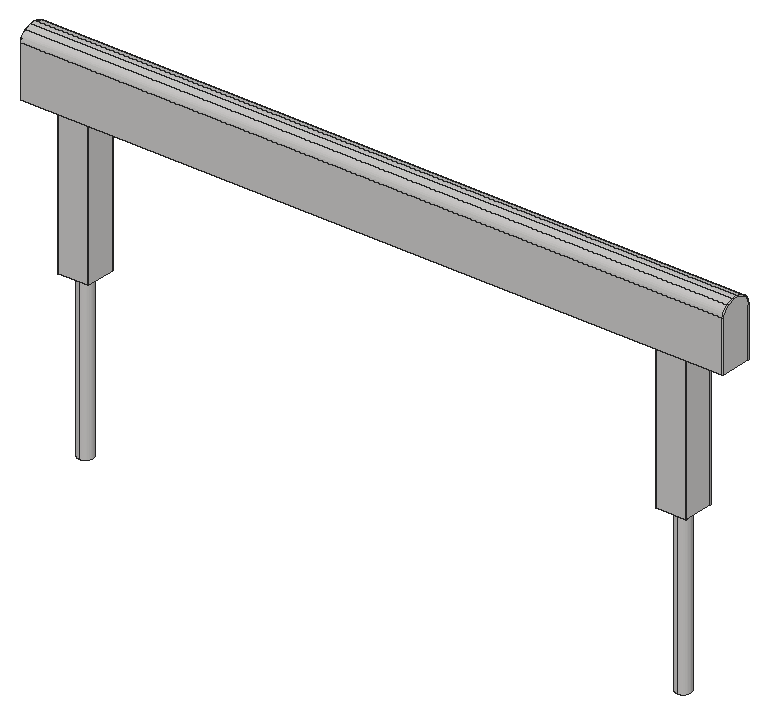
Revit family "PRD_AR_TpsAndWtrSpplOtltFttngs_FittingUnit_AQFU0240-AQFU0243 2", category Plumbing Fixtures, Revit 2023
Family settings
  Round Connector Dimension = Use Diameter
  Part Type = Normal
  OmniClass Number = 23.45.55.11
  OmniClass Title = Sanitary Components
  Work Plane-Based = No
  Enable Cutting in Views = No
  Always vertical = Yes
  Cut with Voids When Loaded = No
  Maintain Annotation Orientation = No
  Shared = No
  Room Calculation Point = No
Parameters (values of type "AQFU0240")
  Width = 1600 mm
  WashPlaceWidth = "800 mm"
  WarrantyStartDate [instance] = "1900-12-31T23:59:59"
  WarrantyGuarantorParts = "n/a"
  WarrantyGuarantorLabor = "n/a"
  WarrantyDurationUnit = "n/a"
  WarrantyDurationParts = "n/a"
  WarrantyDurationLabor = "n/a"
  WarrantyDescription = "n/a"
  Version = "1"
  Uniclass2015Version = "Products v1.38"
  Uniclass2015Title = "Taps and water supply outlet fittings"
  Uniclass2015Code = "Pr_40_20_87"
  URL = "www.kwc-professional.com"
  TypeOfMounting = "mounted on product"
  TypeOfMixing = "yes"
  Type IFC Predefined Type = "USERDEFINED"
  TagNumber [instance] = "n/a"
  SwapMiddleSupport [instance] = no
  SustainabilityPerformance = "n/a"
  Status = "New"
  Size = "1600 x 470 x 73 mm (W x H x D)"
  Shape = "n/a"
  SerialNumber [instance] = "n/a"
  Revision = "n/a"
  ReplacementCost = "n/a"
  Reference = "n/a"
  ProductInformation = "http://pim.kwc.com/product/2030064986/attachment/datasheet?locale=en"
  PositionOfWaterConnection = "from bottom"
  PipingMaterial = PRD_AR_StainlessSteel_HighPolished
  OverallWidth = "1,600 mm"
  OverallHeight = "470 mm"
  OverallDepth = "73 mm"
  OutletSize = 15.0 mm
  InletConversionSize = 25.0 mm
  NumberOfWashPlaces = "4"
  NominalWidth = 1600 mm
  NominalHeight = 470 mm
  NominalDepth = 73 mm
  Name = "Fitting unit for double-row sanitary facilities AQFU0240"
  NBSTypeID = "n/a"
  NBSReference = "n/a"
  NBSOfficeMasterTag = "n/a"
  NBSNote = "n/a"
  NBSDescription = "n/a"
  NBSCertification = "n/a"
  ModelReference = "AQFU0240"
  ModelNumber = "2030064986"
  Model = ModelReference  # "AQFU0240"
  Material = "stainless steel"
  ManufacturerURL = "www.kwc-professional.com"
  ManufacturerName = "KWC Group Management AG"  # constant formula
  Manufacturer = ManufacturerName  # "KWC Group Management AG"
  InstallationDate [instance] = "1900-12-31T23:59:59"
  InletSize = "G1B"
  IfcExportType = "USERDEFINED"
  IfcExportAs = "IfcDistributionChamberElement"
  HygieneFlushing = "no"
  HalfWidth = Width / 2  # 800 mm
  Grade = "n/a"
  FlowHotWater = 0.0 L/s
  FlowColdWater = 0.0 L/s
  Fitting = "separately"
  Finish = "satin finished"
  Features = "With 4 wash places, housing width 1600 mm. Wash place width 800 mm."
  Export Type to IFC As = "IfcDistributionChamberElementType"
  ExpectedLife = "n/a"
  DurationUnit = "n/a"
  Description = "Fitting unit ready for connection with 4 wash places, for mounting on double-row sanitary facilities, for connection to hot and cold water from below via guide pipe holders. Housing made of stainless steel, satin finished with pre-assembled fitting connection blocks, connection options for power supply to electronic fittings, and stainless steel piping."
  Default Elevation = 0 mm
  CreatedOn = "12/2025"  # constant formula
  Constituents = "n/a"
  Color = "n/a"
  CodePerformance = "n/a"
  Circulation = "no"
  Category = "Pr_40_20_87, Taps and water supply outlet fittings"
  BodyMaterial = PRD_AR_StainlessSteel_SatinFinished
  BarCode [instance] = "n/a"
  BIMObjectName = "PRD_AR_TapsAndWaterSupplyOutletFittings_FittingUnit_AQFU0240"
  Author = "Archispace"  # constant formula
  AssetType = "Fixed"
  AssetIdentifier [instance] = "n/a"
  AccessibilityPerformance = "n/a"
Types (4, lengths in mm): name | Width | Size | ProductInformation | OverallWidth | NumberOfWashPlaces | NominalWidth | Name | ModelReference | ModelNumber | Model | HalfWidth | Features | Description | BIMObjectName
  AQFU0240 | 1600 | "1600 x 470 x 73 mm (W x H x D)" | "http://pim.kwc.com/product/2030064986/attachment/datasheet?locale=en" | "1,600 mm" | "4" | 1600 | "Fitting unit for double-row sanitary facilities AQFU0240" | "AQFU0240" | "2030064986" | "AQFU0240" | 800 | "With 4 wash places, housing width 1600 mm. Wash place width 800 mm." | "Fitting unit ready for connection with 4 wash places, for mounting on double-row sanitary facilities, for connection to hot and cold water from below via guide pipe holders. Housing made of stainless steel, satin finished with pre-assembled fitting connection blocks, connection options for power supply to electronic fittings, and stainless steel piping." | "PRD_AR_TapsAndWaterSupplyOutletFittings_FittingUnit_AQFU0240"
  AQFU0241 | 2400 | "2400 x 470 x 73 mm (W x H x D)" | "http://pim.kwc.com/product/2030064987/attachment/datasheet?locale=en" | "2,400 mm" | "6" | 2400 | "Fitting unit for double-row sanitary facilities AQFU0241" | "AQFU0241" | "2030064987" | "AQFU0241" | 1200 | "With 6 wash places, housing width 2400 mm. Wash place width 800 mm." | "Fitting unit ready for connection with 6 wash places, for mounting on double-row sanitary facilities, for connection to hot and cold water from below via guide pipe holders. Housing made of stainless steel, satin finished with pre-assembled fitting connection blocks, connection options for power supply to electronic fittings, and stainless steel piping." | "PRD_AR_TapsAndWaterSupplyOutletFittings_FittingUnit_AQFU0241"
  AQFU0242 | 3200 | "3200 x 470 x 73 mm (W x H x D)" | "http://pim.kwc.com/product/2030064988/attachment/datasheet?locale=en" | "3,200 mm" | "8" | 3200 | "Fitting unit for double-row sanitary facilities AQFU0242" | "AQFU0242" | "2030064988" | "AQFU0242" | 1600 | "With 8 wash places, housing width 3200 mm. Wash place width 800 mm." | "Fitting unit ready for connection with 8 wash places, for mounting on double-row sanitary facilities, for connection to hot and cold water from below via guide pipe holders. Housing made of stainless steel, satin finished with pre-assembled fitting connection blocks, connection options for power supply to electronic fittings, and stainless steel piping." | "PRD_AR_TapsAndWaterSupplyOutletFittings_FittingUnit_AQFU0242"
  AQFU0243 | 4000 | "4000 x 470 x 73 mm (W x H x D)" | "http://pim.kwc.com/product/2030064992/attachment/datasheet?locale=en" | "4,000 mm" | "10" | 4000 | "Fitting unit for double-row sanitary facilities AQFU0243" | "AQFU0243" | "2030064992" | "AQFU0243" | 2000 | "With 10 wash places, housing width 4000 mm. Wash place width 800 mm." | "Fitting unit ready for connection with 10 wash places, for mounting on double-row sanitary facilities, for connection to hot and cold water from below via guide pipe holders. Housing made of stainless steel, satin finished with pre-assembled fitting connection blocks, connection options for power supply to electronic fittings, and stainless steel piping." | "PRD_AR_TapsAndWaterSupplyOutletFittings_FittingUnit_AQFU0243"
Reference planes
  plane 1 "Center (Front/Back)": y = 0
  plane 2: z = 0
  plane 3 "Center (Left/Right)": x = 0
Dimensions and locks
  aligned and locked: level to plane 2
Nested families
  nested 1: "AQFU02 double" at (0, 0, 0), SwapMiddleSupport <- "SwapMiddleSupport", type "AQFU02 double"
    with SwapMiddleSupport no, MiddleSupportRight no, MiddleSupportLeft no, 4 and 5 and 6 connections no
Connectors
  piping at (-680, 0, -375), diameter 25, driven by "InletConversionSize", driven by "FlowHotWater", driven by "InletSize"
    settings: on nested 1, index 1, connector inside diameter 609.6 mm, connector length 0 mm, flow factor 0, pipe flow 0.0 L/s, pressure drop 0.0 Pa, fitting loss kfactor 0, connector angle 0.00°, fixture units 0, engagement length 0 mm, angle of deflection 0.00°, flow configuration 0, flow direction 1, fitting loss method 0, system type 19, joint type 0, gender type 0, connector reference index -1, connector utility 0, adjustable connector no, is connector primary yes, connector description "G1B"
  piping at (680, 0, -375), diameter 25, driven by "InletConversionSize", driven by "FlowColdWater", driven by "InletSize"
    settings: on nested 1, index 2, connector inside diameter 609.6 mm, connector length 0 mm, flow factor 0, pipe flow 0.0 L/s, pressure drop 0.0 Pa, fitting loss kfactor 0, connector angle 0.00°, fixture units 0, engagement length 0 mm, angle of deflection 0.00°, flow configuration 0, flow direction 1, fitting loss method 0, system type 20, joint type 0, gender type 0, connector reference index -1, connector utility 0, adjustable connector no, is connector primary no, connector description "G1B"
Definition of nested family "AQFU02 double"
  Parameters (values of type "AQFU02 double")
    Z = if([6 connections], X, 100 mm)  # 100 mm
    Y = if([5 connections], X, 0 mm)  # 0 mm
    X = BasicWidth / 4  # 400 mm
    Width = 1600 mm
    W = if([4 connections], X, if([5 connections], X * 2, if([6 connections], X * 3, 100 mm)))  # 100 mm
    SwapMiddleSupport [instance] = no
    PipingMaterial = none
    MiddleSupportRight [instance] = and(SwapMiddleSupport, [4 and 5 and 6 connections])  # no
    MiddleSupportLeft [instance] = and(not(SwapMiddleSupport), [4 and 5 and 6 connections])  # no
    BodyMaterial = none
    Default Elevation = 0 mm
    BasicWidth = 1600 mm
    6 connections = Width = BasicWidth + 8 * X  # no
    5 connections = Width = BasicWidth + 6 * X  # no
    4 connections = Width = BasicWidth + 4 * X  # no
    4 and 5 and 6 connections [instance] = Width > BasicWidth + 2 * X  # no
    3 connections = Width = BasicWidth + 2 * X  # no
    3 and 5 connections = or(Width = BasicWidth + 2 * X, Width = BasicWidth + 6 * X)  # no
    2 connections = Width = BasicWidth  # yes
  Reference planes
    plane 1 "Center (Front/Back)": y = 0
    plane 2: z = 0
    plane 3 "Center (Left/Right)": x = 0
    plane 4: x = -800
    plane 5: x = 800
    plane 6: z = 395
    plane 7: z = 325
    plane 8: z = -375
    plane 9: z = 468.46
    plane 10: x = -680
    plane 11: x = 680
    plane 12: y = 36.5
    plane 13: y = -36.5
    plane 14: y = 35
    plane 15: y = -35
    plane 16: x = -400
    plane 17: x = 400
    plane 18: x = -100
    plane 19: x = 100
    plane 20: x = -100
    plane 21: x = 100
    plane 22: x = 0
    plane 23: z = -355
    plane 24: x = 0
  Forms (mm)
    Sweep 1, solid, material <- "BodyMaterial", detail levels fine
      path origin (0, 0, 0) x (1, 0, 0) y (0, 0, 1)
        loop
          line (-800, 325) -> (800, 325)
      profile origin (0, 0, 325) x (0, 0, 1) y (0, -1, 0)
        loop
          line (0, -36.5) -> (116.5, -36.5)
          arc (116.5, -36.5) -> (128.832, -32.612) -> (136.703, -22.353) r 21.5
          line (136.703, -22.353) -> (142.163, -7.353)
          arc (142.163, -7.353) -> (143.46, 0) -> (142.163, 7.353) r 21.5
          line (142.163, 7.353) -> (136.703, 22.353)
          arc (136.703, 22.353) -> (128.832, 32.612) -> (116.5, 36.5) r 21.5
          line (116.5, 36.5) -> (0, 36.5) -> (0, -36.5)
    Sweep 2, solid, material <- "BodyMaterial", detail levels fine
      path origin (0, 0, 0) x (1, 0, 0) y (0, 0, 1)
        loop
          line (-680, 325) -> (-680, 0)
      profile origin (-680, 0, 162.5) x (0, -1, 0) y (1, 0, 0)
        loop
          arc (-35, -33) -> (-34.414, -34.414) -> (-33, -35) r 2
          line (-33, -35) -> (33, -35)
          arc (33, -35) -> (34.414, -34.414) -> (35, -33) r 2
          line (35, -33) -> (35, 33)
          arc (35, 33) -> (34.414, 34.414) -> (33, 35) r 2
          line (33, 35) -> (-33, 35)
          arc (-33, 35) -> (-34.414, 34.414) -> (-35, 33) r 2
          line (-35, 33) -> (-35, -33)
    Sweep 3, solid, material <- "PipingMaterial"
      path origin (0, 0, 0) x (1, 0, 0) y (0, 0, 1)
        loop
          line (-680, 0) -> (-680, -375)
      profile origin (-680, 0, -187.5) x (0, -1, 0) y (1, 0, 0)
        loop
          circle (0, 0) r 16.5
    Sweep 4, void
      path in 3D
        loop
          line (-800, -36.5, 325) -> (-800, -36.5, 441.5)
          arc (-800, -36.5, 441.5) -> (-800, -32.612, 453.832) -> (-800, -22.353, 461.703) r 21.5
          line (-800, -22.353, 461.703) -> (-800, -7.353, 467.163)
          arc (-800, -7.353, 467.163) -> (-800, 0, 468.46) -> (-800, 7.353, 467.163) r 21.5
          line (-800, 7.353, 467.163) -> (-800, 22.353, 461.703)
          arc (-800, 22.353, 461.703) -> (-800, 32.612, 453.832) -> (-800, 36.5, 441.5) r 21.5
          line (-800, 36.5, 441.5) -> (-800, 36.5, 325)
      profile origin (-800, -36.5, 383.25) x (0, 1, 0) y (-1, 0, 0)
        loop
          line (0, 0) -> (0, -2)
          arc (0, -2) -> (0.586, -0.586) -> (2, 0) r 2
          line (2, 0) -> (0, 0)
    Sweep 5, void
      path in 3D
        loop
          line (800, 36.5, 325) -> (800, 36.5, 441.5)
          arc (800, 36.5, 441.5) -> (800, 32.612, 453.832) -> (800, 22.353, 461.703) r 21.5
          line (800, 22.353, 461.703) -> (800, 7.353, 467.163)
          arc (800, 7.353, 467.163) -> (800, 0, 468.46) -> (800, -7.353, 467.163) r 21.5
          line (800, -7.353, 467.163) -> (800, -22.353, 461.703)
          arc (800, -22.353, 461.703) -> (800, -32.612, 453.832) -> (800, -36.5, 441.5) r 21.5
          line (800, -36.5, 441.5) -> (800, -36.5, 325)
      profile origin (800, -36.5, 383.25) x (1, 0, 0) y (0, 1, 0)
        loop
          line (0, 0) -> (0, 2)
          arc (0, 2) -> (-0.586, 0.586) -> (-2, 0) r 2
          line (-2, 0) -> (0, 0)
    Sweep 6, solid, material <- "BodyMaterial", detail levels fine
      path origin (0, 0, 0) x (-1, 0, 0) y (0, 0, -1)
        loop
          line (-680, -325) -> (-680, 0)
      profile origin (680, 0, 162.5) x (0, -1, 0) y (1, 0, 0)
        loop
          line (-35, 33) -> (-35, -33)
          arc (-35, -33) -> (-34.414, -34.414) -> (-33, -35) r 2
          line (-33, -35) -> (33, -35)
          arc (33, -35) -> (34.414, -34.414) -> (35, -33) r 2
          line (35, -33) -> (35, 33)
          arc (35, 33) -> (34.414, 34.414) -> (33, 35) r 2
          line (33, 35) -> (-33, 35)
          arc (-33, 35) -> (-34.414, 34.414) -> (-35, 33) r 2
    Sweep 7, solid, material <- "PipingMaterial"
      path origin (0, 0, 0) x (-1, 0, 0) y (0, 0, -1)
        loop
          line (-680, 0) -> (-680, 375)
      profile origin (680, 0, -187.5) x (0, -1, 0) y (1, 0, 0)
        loop
          circle (0, 0) r 16.5
    Sweep 8, solid, material <- "BodyMaterial", visible <- "MiddleSupportLeft", detail levels fine
      path origin (480, 0, 0) x (1, 0, 0) y (0, 0, 1)
        loop
          line (-480, 325) -> (-480, 0)
      profile origin (0, 0, 162.5) x (0, -1, 0) y (1, 0, 0)
        loop
          arc (-35, -33) -> (-34.414, -34.414) -> (-33, -35) r 2
          line (-33, -35) -> (33, -35)
          arc (33, -35) -> (34.414, -34.414) -> (35, -33) r 2
          line (35, -33) -> (35, 33)
          arc (35, 33) -> (34.414, 34.414) -> (33, 35) r 2
          line (33, 35) -> (-33, 35)
          arc (-33, 35) -> (-34.414, 34.414) -> (-35, 33) r 2
          line (-35, 33) -> (-35, -33)
    Sweep 9, solid, material <- "PipingMaterial", visible <- "MiddleSupportLeft"
      path origin (480, 0, -360) x (1, 0, 0) y (0, 0, 1)
        loop
          line (-480, 360) -> (-480, 5)
      profile origin (0, 0, -177.5) x (0, -1, 0) y (1, 0, 0)
        loop
          circle (0, 0) r 5
    Sweep 10, solid, material <- "BodyMaterial", detail levels medium
      path origin (0, 0, 0) x (1, 0, 0) y (0, 0, 1)
        loop
          line (-800, 325) -> (800, 325)
      profile origin (0, 0, 325) x (0, 0, 1) y (0, -1, 0)
        loop
          line (0, -36.5) -> (116.5, -36.5)
          arc (116.5, -36.5) -> (128.832, -32.612) -> (136.703, -22.353) r 21.5
          line (136.703, -22.353) -> (142.163, -7.353)
          arc (142.163, -7.353) -> (143.46, 0) -> (142.163, 7.353) r 21.5
          line (142.163, 7.353) -> (136.703, 22.353)
          arc (136.703, 22.353) -> (128.832, 32.612) -> (116.5, 36.5) r 21.5
          line (116.5, 36.5) -> (0, 36.5) -> (0, -36.5)
    Sweep 11, solid, material <- "BodyMaterial", detail levels coarse+medium
      path origin (0, 0, 0) x (1, 0, 0) y (0, 0, 1)
        loop
          line (-680, 325) -> (-680, 0)
      profile origin (-680, 0, 162.5) x (0, -1, 0) y (1, 0, 0)
        loop
          line (-35, -35) -> (35, -35) -> (35, 35) -> (-35, 35) -> (-35, -35)
    Sweep 12, solid, material <- "BodyMaterial", detail levels coarse+medium
      path origin (0, 0, 0) x (-1, 0, 0) y (0, 0, -1)
        loop
          line (-680, -325) -> (-680, 0)
      profile origin (680, 0, 162.5) x (0, -1, 0) y (1, 0, 0)
        loop
          line (-35, 35) -> (-35, -35) -> (35, -35) -> (35, 35) -> (-35, 35)
    Sweep 13, solid, material <- "BodyMaterial", visible <- "MiddleSupportLeft", detail levels coarse+medium
      path origin (480, 0, 0) x (1, 0, 0) y (0, 0, 1)
        loop
          line (-480, 325) -> (-480, 0)
      profile origin (0, 0, 162.5) x (0, -1, 0) y (1, 0, 0)
        loop
          line (-35, -35) -> (35, -35) -> (35, 35) -> (-35, 35) -> (-35, -35)
    Sweep 14, solid, material <- "BodyMaterial", detail levels coarse
      path origin (0, 0, 0) x (1, 0, 0) y (0, 0, 1)
        loop
          line (-800, 325) -> (800, 325)
      profile origin (0, 0, 325) x (0, 0, 1) y (0, -1, 0)
        loop
          line (0, -36.5) -> (143.46, -36.5) -> (143.46, 36.5) -> (0, 36.5) -> (0, -36.5)
    Sweep 15, solid, material <- "BodyMaterial", visible <- "MiddleSupportRight", detail levels fine
      path origin (-480, 0, 0) x (-1, 0, 0) y (0, 0, -1)
        loop
          line (-480, -325) -> (-480, 0)
      profile origin (0, 0, 162.5) x (0, -1, 0) y (1, 0, 0)
        loop
          line (-35, 33) -> (-35, -33)
          arc (-35, -33) -> (-34.414, -34.414) -> (-33, -35) r 2
          line (-33, -35) -> (33, -35)
          arc (33, -35) -> (34.414, -34.414) -> (35, -33) r 2
          line (35, -33) -> (35, 33)
          arc (35, 33) -> (34.414, 34.414) -> (33, 35) r 2
          line (33, 35) -> (-33, 35)
          arc (-33, 35) -> (-34.414, 34.414) -> (-35, 33) r 2
    Sweep 16, solid, material <- "PipingMaterial", visible <- "MiddleSupportRight"
      path origin (-480, 0, -360) x (-1, 0, 0) y (0, 0, -1)
        loop
          line (-480, -360) -> (-480, -5)
      profile origin (0, 0, -177.5) x (0, -1, 0) y (1, 0, 0)
        loop
          circle (0, 0) r 5
    Sweep 17, solid, material <- "BodyMaterial", visible <- "MiddleSupportRight", detail levels coarse+medium
      path origin (-480, 0, 0) x (-1, 0, 0) y (0, 0, -1)
        loop
          line (-480, -325) -> (-480, 0)
      profile origin (0, 0, 162.5) x (0, -1, 0) y (1, 0, 0)
        loop
          line (-35, 35) -> (-35, -35) -> (35, -35) -> (35, 35) -> (-35, 35)
  Cuts and joins
    Sweep 4, Sweep 5 cuts Sweep 1
  Lines and regions (mm)
    sketch lines
      curve 1: line (-800, -36.5, 325) -> (-800, -36.5, 441.5)
      curve 2: arc (-800, -22.353, 461.703) -> (-800, -32.612, 453.832) -> (-800, -36.5, 441.5) r 21.5
      curve 3: line (-800, -22.353, 461.703) -> (-800, -7.353, 467.163)
      curve 4: arc (-800, 7.353, 467.163) -> (-800, 0, 468.46) -> (-800, -7.353, 467.163) r 21.5
      curve 5: line (-800, 7.353, 467.163) -> (-800, 22.353, 461.703)
      curve 6: arc (-800, 36.5, 441.5) -> (-800, 32.612, 453.832) -> (-800, 22.353, 461.703) r 21.5
      curve 7: line (-800, 36.5, 441.5) -> (-800, 36.5, 325)
      curve 8: line (800, -36.5, 441.5) -> (800, -36.5, 325)
      curve 9: arc (800, -36.5, 441.5) -> (800, -32.612, 453.832) -> (800, -22.353, 461.703) r 21.5
      curve 10: line (800, -7.353, 467.163) -> (800, -22.353, 461.703)
      curve 11: arc (800, -7.353, 467.163) -> (800, 0, 468.46) -> (800, 7.353, 467.163) r 21.5
      curve 12: line (800, 22.353, 461.703) -> (800, 7.353, 467.163)
      curve 13: arc (800, 22.353, 461.703) -> (800, 32.612, 453.832) -> (800, 36.5, 441.5) r 21.5
      curve 14: line (800, 36.5, 325) -> (800, 36.5, 441.5)
    model lines
      curve 15: circle (-400, -36.5, 395) r 7 normal (0, -1, 0)
      curve 16: line (-400, -36.5, 388) -> (-400, -36.5, 402)
      curve 17: line (-407, -36.5, 395) -> (-393, -36.5, 395)
      curve 18: circle (-400, 36.5, 395) r 7 normal (0, -1, 0)
      curve 19: line (-400, 36.5, 388) -> (-400, 36.5, 402)
      curve 20: line (-407, 36.5, 395) -> (-393, 36.5, 395)
      curve 21: circle (400, -36.5, 395) r 7 normal (0, 1, 0)
      curve 22: circle (400, 36.5, 395) r 7 normal (0, 1, 0)
      curve 53: line (407, 36.5, 395) -> (393, 36.5, 395)
      curve 54: line (400, 36.5, 402) -> (400, 36.5, 388)
      curve 55: line (407, -36.5, 395) -> (393, -36.5, 395)
      curve 56: line (400, -36.5, 402) -> (400, -36.5, 388)
      curve 57: circle (-400, -36.5, 413) r 7.5 normal (0, -1, 0)
      curve 58: circle (-400, 36.5, 413) r 7.5 normal (0, -1, 0)
      curve 59: circle (400, -36.5, 413) r 7.5 normal (0, 1, 0)
      curve 60: circle (400, 36.5, 413) r 7.5 normal (0, 1, 0)
      curve 71: circle (-400, -36.5, 377) r 7.5 normal (0, -1, 0)
      curve 72: circle (-400, 36.5, 377) r 7.5 normal (0, -1, 0)
      curve 73: circle (400, -36.5, 377) r 7.5 normal (0, 1, 0)
      curve 74: circle (400, 36.5, 377) r 7.5 normal (0, 1, 0)
    model lines, visible <- "3 and 5 connections"
      curve 23: circle (0, -36.5, 395) r 7 normal (0, -1, 0)
      curve 24: line (0, -36.5, 388) -> (0, -36.5, 402)
      curve 25: line (-7, -36.5, 395) -> (7, -36.5, 395)
      curve 26: circle (0, 36.5, 395) r 7 normal (0, -1, 0)
      curve 27: line (0, 36.5, 388) -> (0, 36.5, 402)
      curve 28: line (-7, 36.5, 395) -> (7, 36.5, 395)
      curve 61: circle (0, -36.5, 413) r 7.5 normal (0, -1, 0)
      curve 62: circle (0, 36.5, 413) r 7.5 normal (0, -1, 0)
      curve 75: circle (0, -36.5, 377) r 7.5 normal (0, -1, 0)
      curve 76: circle (0, 36.5, 377) r 7.5 normal (0, -1, 0)
    model lines, visible <- "4 and 5 and 6 connections"
      curve 29: circle (-100, -36.5, 395) r 7 normal (0, -1, 0)
      curve 30: line (-100, -36.5, 388) -> (-100, -36.5, 402)
      curve 31: line (-107, -36.5, 395) -> (-93, -36.5, 395)
      curve 32: circle (-100, 36.5, 395) r 7 normal (0, -1, 0)
      curve 33: line (-100, 36.5, 388) -> (-100, 36.5, 402)
      curve 34: line (-107, 36.5, 395) -> (-93, 36.5, 395)
      curve 35: circle (100, -36.5, 395) r 7 normal (0, 1, 0)
      curve 36: line (107, -36.5, 395) -> (93, -36.5, 395)
      curve 37: circle (100, 36.5, 395) r 7 normal (0, 1, 0)
      curve 38: line (107, 36.5, 395) -> (93, 36.5, 395)
      curve 39: line (100, 36.5, 402) -> (100, 36.5, 388)
      curve 40: line (100, -36.5, 402) -> (100, -36.5, 388)
      curve 63: circle (-100, -36.5, 413) r 7.5 normal (0, -1, 0)
      curve 64: circle (-100, 36.5, 413) r 7.5 normal (0, -1, 0)
      curve 65: circle (100, -36.5, 413) r 7.5 normal (0, 1, 0)
      curve 66: circle (100, 36.5, 413) r 7.5 normal (0, 1, 0)
      curve 77: circle (-100, -36.5, 377) r 7.5 normal (0, -1, 0)
      curve 78: circle (-100, 36.5, 377) r 7.5 normal (0, -1, 0)
      curve 79: circle (100, -36.5, 377) r 7.5 normal (0, 1, 0)
      curve 80: circle (100, 36.5, 377) r 7.5 normal (0, 1, 0)
    model lines, visible <- "6 connections"
      curve 41: circle (-100, -36.5, 395) r 7 normal (0, -1, 0)
      curve 42: line (-100, -36.5, 388) -> (-100, -36.5, 402)
      curve 43: line (-107, -36.5, 395) -> (-93, -36.5, 395)
      curve 44: circle (-100, 36.5, 395) r 7 normal (0, -1, 0)
      curve 45: line (-100, 36.5, 388) -> (-100, 36.5, 402)
      curve 46: line (-107, 36.5, 395) -> (-93, 36.5, 395)
      curve 47: circle (100, -36.5, 395) r 7 normal (0, -1, 0)
      curve 48: line (100, -36.5, 388) -> (100, -36.5, 402)
      curve 49: line (93, -36.5, 395) -> (107, -36.5, 395)
      curve 50: circle (100, 36.5, 395) r 7 normal (0, -1, 0)
      curve 51: line (100, 36.5, 388) -> (100, 36.5, 402)
      curve 52: line (93, 36.5, 395) -> (107, 36.5, 395)
      curve 67: circle (-100, -36.5, 413) r 7.5 normal (0, -1, 0)
      curve 68: circle (-100, 36.5, 413) r 7.5 normal (0, -1, 0)
      curve 69: circle (100, -36.5, 413) r 7.5 normal (0, -1, 0)
      curve 70: circle (100, 36.5, 413) r 7.5 normal (0, -1, 0)
      curve 81: circle (-100, -36.5, 377) r 7.5 normal (0, -1, 0)
      curve 82: circle (-100, 36.5, 377) r 7.5 normal (0, -1, 0)
      curve 83: circle (100, -36.5, 377) r 7.5 normal (0, -1, 0)
      curve 84: circle (100, 36.5, 377) r 7.5 normal (0, -1, 0)
  Dimensions and locks
    equal spacing: plane 4, plane 3 "Center (Left/Right)", plane 5
    "Width": plane 4 to plane 5
    locked: plane 6 to level at 395
    locked: plane 9 to plane 7 at 143.46
    locked: plane 7 to plane 8 at 700
    locked: plane 4 to plane 10 at 120
    locked: plane 11 to plane 5 at 120
    locked: plane 12 to plane 13 at 73
    equal spacing: plane 14, plane 1 "Center (Front/Back)", plane 15
    locked: plane 14 to plane 15 at 70
    "X": plane 4 to plane 16
    "X": plane 17 to plane 5
    "W": plane 3 "Center (Left/Right)" to plane 18
    "W": plane 19 to plane 3 "Center (Left/Right)"
    "Z": plane 3 "Center (Left/Right)" to plane 20
    "Z": plane 21 to plane 3 "Center (Left/Right)"
    "Y": plane 3 "Center (Left/Right)" to plane 22
    locked: plane 23 to plane 8 at 20
    "Y": plane 24 to plane 3 "Center (Left/Right)"
    aligned and locked: level to plane 2
    aligned and locked: plane 4 to Sweep 1 sketch curve
    aligned and locked: plane 5 to Sweep 1 sketch curve
    aligned and locked: plane 7 to Sweep 1 sketch curve
    aligned and locked: level to Sweep 2 sketch curve
    aligned and locked: plane 7 to Sweep 2 sketch curve
    aligned and locked: plane 10 to Sweep 2 sketch curve
    aligned and locked: level to Sweep 3 sketch curve
    aligned and locked: plane 8 to Sweep 3 sketch curve
    aligned and locked: plane 10 to Sweep 3 sketch curve
    aligned and locked: plane 7 to Sweep 6 sketch curve
    aligned and locked: level to Sweep 6 sketch curve
    aligned and locked: plane 11 to Sweep 6 sketch curve
    aligned and locked: level to Sweep 7 sketch curve
    aligned and locked: plane 8 to Sweep 7 sketch curve
    aligned and locked: plane 11 to Sweep 7 sketch curve
    aligned and locked: plane 16 to curve 15
    aligned and locked: plane 6 to curve 15
    aligned and locked: plane 16 to curve 16
    aligned and locked: curve 17 to plane 6
    aligned and locked: plane 17 to curve 21
    aligned and locked: plane 6 to curve 21
    aligned and locked: plane 17 to curve 22
    aligned and locked: plane 6 to curve 22
    aligned and locked: plane 16 to curve 18
    aligned and locked: plane 6 to curve 18
    aligned and locked: plane 3 "Center (Left/Right)" to curve 23
    aligned and locked: plane 6 to curve 23
    aligned and locked: plane 3 "Center (Left/Right)" to curve 26
    aligned and locked: plane 6 to curve 26
    aligned and locked: plane 18 to curve 29
    aligned and locked: plane 18 to curve 32
    aligned and locked: plane 6 to curve 29
    aligned and locked: plane 6 to curve 32
    aligned and locked: plane 19 to curve 35
    aligned and locked: plane 6 to curve 35
    aligned and locked: plane 19 to curve 37
    aligned and locked: plane 6 to curve 37
    aligned and locked: plane 18 to curve 30
    aligned and locked: plane 18 to curve 33
    aligned and locked: plane 20 to curve 41
    aligned and locked: plane 6 to curve 41
    aligned and locked: curve 42 to plane 20
    aligned and locked: plane 6 to curve 44
    aligned and locked: curve 43 to plane 6
    aligned and locked: curve 46 to plane 6
    aligned and locked: plane 20 to curve 44
    aligned and locked: curve 45 to plane 20
    aligned and locked: plane 21 to curve 47
    aligned and locked: plane 21 to curve 50
    aligned and locked: curve 48 to plane 21
    aligned and locked: curve 51 to plane 21
    aligned and locked: plane 6 to curve 47
    aligned and locked: plane 6 to curve 50
    aligned and locked: curve 49 to plane 6
    aligned and locked: curve 52 to plane 6
    aligned and locked: plane 6 to curve 53
    aligned and locked: plane 17 to curve 54
    aligned and locked: plane 6 to curve 55
    aligned and locked: plane 17 to curve 56
    aligned and locked: plane 7 to Sweep 8 sketch curve
    aligned and locked: level to Sweep 8 sketch curve
    aligned and locked: Sweep 8 sketch curve to plane 22
    aligned and locked: level to Sweep 9 sketch curve
    aligned and locked: plane 22 to Sweep 9 sketch curve
    aligned and locked: plane 23 to Sweep 9 sketch curve
    aligned and locked: plane 7 to Sweep 11 sketch curve
    aligned and locked: level to Sweep 11 sketch curve
    aligned and locked: plane 10 to Sweep 11 sketch curve
    aligned and locked: level to Sweep 13 sketch curve
    aligned and locked: Sweep 13 sketch curve to plane 22
    aligned and locked: plane 7 to Sweep 13 sketch curve
    aligned and locked: level to Sweep 12 sketch curve
    aligned and locked: plane 7 to Sweep 12 sketch curve
    aligned and locked: plane 11 to Sweep 12 sketch curve
    aligned and locked: plane 4 to Sweep 10 sketch curve
    aligned and locked: plane 5 to Sweep 10 sketch curve
    aligned and locked: plane 4 to Sweep 14 sketch curve
    aligned and locked: plane 5 to Sweep 14 sketch curve
    aligned and locked: Sweep 15 sketch curve to plane 24
    aligned and locked: Sweep 16 sketch curve to plane 24
    aligned and locked: Sweep 17 sketch curve to plane 24
    aligned and locked: level to Sweep 16 sketch curve
    aligned and locked: plane 23 to Sweep 16 sketch curve
  Automatic sketch dimensions
    profile plane to Sweep 1 sketch curve = 0 mm
    Sweep 1 sketch curve to plane 1 "Center (Front/Back)" = 0 mm
    plane 1 "Center (Front/Back)" to Sweep 1 sketch curve = 36.5 mm
    Sweep 1 sketch curve to profile plane = 116.5 mm
    Sweep 1 sketch curve to Sweep 1 sketch curve = 0 mm
    Sweep 1 sketch curve to Sweep 1 sketch curve = 5.46 mm  (x2)
    Sweep 1 sketch curve to plane 1 "Center (Front/Back)" = 22.353 mm
    Sweep 1 sketch curve to Sweep 1 sketch curve = 20.203 mm  (x2)
    plane 1 "Center (Front/Back)" to Sweep 1 sketch curve = 22.353 mm
    Sweep 1 sketch curve to plane 1 "Center (Front/Back)" = 7.353 mm
    plane 1 "Center (Front/Back)" to Sweep 1 sketch curve = 7.353 mm
    Sweep 1 sketch curve to plane 1 "Center (Front/Back)" = 36.5 mm
    Sweep 2 sketch curve to plane 1 "Center (Front/Back)" = 35 mm
    Sweep 2 sketch curve to Sweep 2 sketch curve = 2 mm  (x3)
    plane 1 "Center (Front/Back)" to Sweep 2 sketch curve = 33 mm  (x2)
    profile plane to Sweep 2 sketch curve = 35 mm
    Sweep 2 sketch curve to profile plane = 33 mm
    plane 1 "Center (Front/Back)" to Sweep 3 sketch curve = 0 mm
    Sweep 3 sketch curve to profile plane = 0 mm
    profile plane to Sweep 4 sketch curve = 0 mm
    Sweep 4 sketch curve to profile plane = 0 mm
    Sweep 4 sketch curve to Sweep 4 sketch curve = 2 mm
    profile plane to Sweep 5 sketch curve = 0 mm
    Sweep 5 sketch curve to profile plane = 0 mm
    Sweep 5 sketch curve to profile plane = 2 mm
    Sweep 6 sketch curve to plane 1 "Center (Front/Back)" = 35 mm
    Sweep 6 sketch curve to Sweep 6 sketch curve = 2 mm  (x3)
    plane 1 "Center (Front/Back)" to Sweep 6 sketch curve = 33 mm  (x2)
    profile plane to Sweep 6 sketch curve = 35 mm
    Sweep 6 sketch curve to profile plane = 33 mm
    plane 1 "Center (Front/Back)" to Sweep 7 sketch curve = 0 mm
    Sweep 7 sketch curve to profile plane = 0 mm
    Sweep 8 sketch curve to plane 1 "Center (Front/Back)" = 35 mm
    Sweep 8 sketch curve to Sweep 8 sketch curve = 2 mm  (x3)
    plane 1 "Center (Front/Back)" to Sweep 8 sketch curve = 33 mm  (x2)
    profile plane to Sweep 8 sketch curve = 35 mm
    Sweep 8 sketch curve to profile plane = 33 mm
    plane 1 "Center (Front/Back)" to Sweep 9 sketch curve = 0 mm
    Sweep 9 sketch curve to profile plane = 0 mm
    Sweep 10 sketch curve to plane 7 = 0 mm
    profile plane to Sweep 10 sketch curve = 0 mm
    Sweep 10 sketch curve to profile plane = 0 mm
    profile plane to Sweep 10 sketch curve = 36.5 mm
    Sweep 10 sketch curve to profile plane = 116.5 mm
    Sweep 10 sketch curve to Sweep 10 sketch curve = 0 mm
    Sweep 10 sketch curve to Sweep 10 sketch curve = 5.46 mm  (x2)
    Sweep 10 sketch curve to profile plane = 22.353 mm
    Sweep 10 sketch curve to Sweep 10 sketch curve = 20.203 mm  (x2)
    profile plane to Sweep 10 sketch curve = 22.353 mm
    Sweep 10 sketch curve to profile plane = 7.353 mm
    profile plane to Sweep 10 sketch curve = 7.353 mm
    Sweep 10 sketch curve to profile plane = 36.5 mm
    Sweep 11 sketch curve to profile plane = 35 mm  (x2)
    profile plane to Sweep 11 sketch curve = 35 mm  (x2)
    Sweep 12 sketch curve to profile plane = 35 mm  (x2)
    profile plane to Sweep 12 sketch curve = 35 mm  (x2)
    Sweep 13 sketch curve to profile plane = 35 mm  (x2)
    profile plane to Sweep 13 sketch curve = 35 mm  (x2)
    Sweep 14 sketch curve to plane 7 = 0 mm
    profile plane to Sweep 14 sketch curve = 0 mm
    profile plane to Sweep 14 sketch curve = 36.5 mm
    Sweep 14 sketch curve to profile plane = 143.46 mm
    Sweep 14 sketch curve to profile plane = 36.5 mm
    Sweep 15 sketch curve to plane 7 = 0 mm
    Sweep 15 sketch curve to level = 0 mm
    Sweep 15 sketch curve to plane 1 "Center (Front/Back)" = 35 mm
    Sweep 15 sketch curve to Sweep 15 sketch curve = 2 mm  (x3)
    plane 1 "Center (Front/Back)" to Sweep 15 sketch curve = 33 mm  (x2)
    profile plane to Sweep 15 sketch curve = 35 mm
    Sweep 15 sketch curve to profile plane = 33 mm
    plane 1 "Center (Front/Back)" to Sweep 16 sketch curve = 0 mm
    Sweep 16 sketch curve to profile plane = 0 mm
    Sweep 17 sketch curve to plane 7 = 0 mm
    Sweep 17 sketch curve to level = 0 mm
    Sweep 17 sketch curve to profile plane = 35 mm  (x2)
    profile plane to Sweep 17 sketch curve = 35 mm  (x2)
    curve 39 to plane 19 = 0 mm
    curve 54 to plane 6 = 7 mm
    curve 39 to plane 6 = 7 mm
    plane 6 to curve 39 = 7 mm
    plane 6 to curve 54 = 7 mm
    curve 57 to plane 16 = 0 mm
    plane 21 to curve 69 = 0 mm
    curve 63 to plane 18 = 0 mm
    plane 20 to curve 67 = 0 mm
    plane 17 to curve 59 = 0 mm
    curve 61 to plane 3 "Center (Left/Right)" = 0 mm
    curve 65 to plane 19 = 0 mm
    curve 24 to plane 3 "Center (Left/Right)" = 0 mm
    curve 40 to plane 19 = 0 mm
    curve 31 to plane 6 = 0 mm
    curve 36 to plane 6 = 0 mm
    curve 25 to plane 6 = 0 mm
    curve 71 to plane 16 = 0 mm
    plane 17 to curve 73 = 0 mm
    curve 75 to plane 3 "Center (Left/Right)" = 0 mm
    curve 77 to plane 18 = 0 mm
    curve 79 to plane 19 = 0 mm
    plane 20 to curve 81 = 0 mm
    plane 21 to curve 83 = 0 mm
    plane 6 to curve 65 = 18 mm
    curve 61 to curve 23 = 18 mm
    curve 59 to curve 21 = 18 mm
    curve 67 to curve 41 = 18 mm
    curve 63 to curve 29 = 18 mm
    curve 69 to curve 47 = 18 mm
    plane 6 to curve 57 = 18 mm
    curve 15 to curve 71 = 18 mm
    curve 73 to plane 6 = 18 mm
    curve 75 to plane 6 = 18 mm
    curve 77 to plane 6 = 18 mm
    curve 35 to curve 79 = 18 mm
    curve 81 to plane 6 = 18 mm
    curve 83 to plane 6 = 18 mm
    curve 30 to curve 29 = 7 mm
    curve 42 to curve 41 = 7 mm
    curve 48 to curve 47 = 7 mm
    curve 56 to curve 21 = 7 mm
    plane 6 to curve 40 = 7 mm
    plane 6 to curve 16 = 7 mm
    curve 24 to curve 23 = 7 mm
    plane 17 to curve 60 = 0 mm
    plane 21 to curve 70 = 0 mm
    curve 62 to plane 3 "Center (Left/Right)" = 0 mm
    curve 64 to plane 18 = 0 mm
    curve 58 to plane 16 = 0 mm
    curve 66 to plane 19 = 0 mm
    plane 20 to curve 68 = 0 mm
    plane 21 to curve 51 = 0 mm
    curve 27 to plane 3 "Center (Left/Right)" = 0 mm
    curve 19 to plane 16 = 0 mm
    curve 34 to plane 6 = 0 mm
    curve 28 to plane 6 = 0 mm
    curve 38 to plane 6 = 0 mm
    curve 20 to plane 6 = 0 mm
    curve 72 to plane 16 = 0 mm
    plane 17 to curve 74 = 0 mm
    curve 76 to plane 3 "Center (Left/Right)" = 0 mm
    curve 78 to plane 18 = 0 mm
    curve 80 to plane 19 = 0 mm
    plane 20 to curve 82 = 0 mm
    plane 21 to curve 84 = 0 mm
    plane 6 to curve 68 = 18 mm
    curve 66 to curve 37 = 18 mm
    plane 6 to curve 58 = 18 mm
    plane 6 to curve 64 = 18 mm
    plane 6 to curve 62 = 18 mm
    plane 6 to curve 70 = 18 mm
    curve 60 to curve 22 = 18 mm
    curve 18 to curve 72 = 18 mm
    curve 74 to plane 6 = 18 mm
    curve 26 to curve 76 = 18 mm
    curve 32 to curve 78 = 18 mm
    curve 80 to plane 6 = 18 mm
    curve 44 to curve 82 = 18 mm
    curve 50 to curve 84 = 18 mm
    plane 6 to curve 33 = 7 mm
    plane 6 to curve 19 = 7 mm
    plane 6 to curve 45 = 7 mm
    plane 6 to curve 27 = 7 mm
    plane 6 to curve 51 = 7 mm
    curve 38 to plane 19 = 7 mm
    curve 53 to curve 22 = 7 mm
    radius of Sweep 3 sketch curve = 16.5 mm
    radius of Sweep 7 sketch curve = 16.5 mm
    radius of Sweep 9 sketch curve = 5 mm
    radius of Sweep 16 sketch curve = 5 mm
    radius of curve 57 = 7.5 mm
    radius of curve 59 = 7.5 mm
    radius of curve 61 = 7.5 mm
    radius of curve 63 = 7.5 mm
    radius of curve 65 = 7.5 mm
    radius of curve 67 = 7.5 mm
    radius of curve 69 = 7.5 mm
    radius of curve 71 = 7.5 mm
    radius of curve 73 = 7.5 mm
    radius of curve 75 = 7.5 mm
    radius of curve 77 = 7.5 mm
    radius of curve 79 = 7.5 mm
    radius of curve 81 = 7.5 mm
    radius of curve 83 = 7.5 mm
    radius of curve 58 = 7.5 mm
    radius of curve 60 = 7.5 mm
    radius of curve 62 = 7.5 mm
    radius of curve 64 = 7.5 mm
    radius of curve 66 = 7.5 mm
    radius of curve 68 = 7.5 mm
    radius of curve 70 = 7.5 mm
    radius of curve 72 = 7.5 mm
    radius of curve 74 = 7.5 mm
    radius of curve 76 = 7.5 mm
    radius of curve 78 = 7.5 mm
    radius of curve 80 = 7.5 mm
    radius of curve 82 = 7.5 mm
    radius of curve 84 = 7.5 mm
